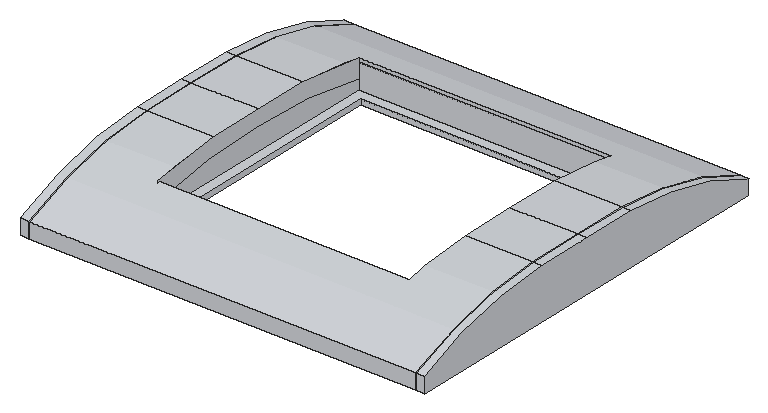
Revit family "Gira_100224", category Electrical Fixtures, host Face, Revit 2017
Family settings
  Host = Face
  Maintain Annotation Orientation = No
  Round Connector Dimension = Use Diameter
  Part Type = Normal
  Cut with Voids When Loaded = No
  Shared = No
  Room Calculation Point = No
Parameters (values of type "Abdeckrahmen 2f o.M. Zwischenr. AN Gira Event Opak Weiß")
  Werkstoffgüte = "Thermoplast"
  Werkstoff = "Kunststoff"
  URL = "http://katalog.gira.de/de_DE/datenblatt.html?artikelnr=100224"
  Transparent = "No"
  Textfeld/Beschriftungsfläche = "No"
  Schutzart (IP) = "IP20"
  Region = "DE"
  Oberfläche = "sonstige"
  Name = "Abdeckrahmen 2f o.M. Zwischenr. AN Gira Event Opak Weiß"
  Montagerichtung = "horizontal und vertikal"
  Mit Montagerahmen = "No"
  Mit Klappdeckel = "No"
  Manufacturer URL = "https://www.gira.de/"
  Keynote = "Event_Rahmen_2fach o.Mittelsteg"
  HeinzeBIM = "https://bimportal.heinze.de/bim/abdeckrahmen-2f-o-m-zwischenr-an-gira-event-opak-weiss/3301cdd09a95d3fdd2279a5f2229eefe3014c5d5"
  Halogenfrei = "Yes"
  HAN = "100224"
  Geeignet für Unterputz-Installation = "Yes"
  Geeignet für Unterflurkanaldose = "No"
  Geeignet für Geräteeinbaukanal = "No"
  Geeignet für Einbauinstallation = "No"
  GTIN = "4010337002246"
  Farbe = "weiß"
  Default Elevation = 1219.2 mm
  Data sheet (1) = "https://katalog.gira.de/de_DE/download.html?artikelnr=100224"
  Category = "Abdeckrahmen"
  Befestigungsart = "Klemmbefestigung"
  Available = "Yes"
  Anzahl der Einheiten vertikal = "2 "
  Anzahl der Einheiten horizontal = "2 "
  Anzahl der Einheiten = "2 "
Reference planes
  plane 1 "Center (Front/Back)": y = 0
  plane 2: z = 0
  plane 3 "Center (Left/Right)": x = 0
Forms (mm)
  Extrusion 1, solid, detail levels fine
    sketch origin (0, 0, 1.55) x (0, 1, 0) y (0, 0, 1)
      loop
        arc (12.445, 9.683) -> (6.223, 9.833) -> (0, 9.85) r 291.636
        arc (0, 9.85) -> (-6.223, 9.833) -> (-12.445, 9.683) r 291.636
        arc (-12.445, 9.683) -> (-29.14, 7.482) -> (-45, 1.823) r 79.728
        line (-45, 1.823) -> (-45, -1.55) -> (-41.777, -1.55) -> (-41.777, -0.55)
        arc (-41.777, -0.55) -> (-21.205, 4.846) -> (0, 6.467) r 118.15
        arc (0, 6.467) -> (21.205, 4.846) -> (41.777, -0.55) r 118.15
        line (41.777, -0.55) -> (41.777, -1.55) -> (45, -1.55) -> (45, 1.823)
        arc (45, 1.823) -> (29.14, 7.482) -> (12.445, 9.683) r 79.728
    from -43 to 43
  Extrusion 2, void, detail levels fine
    sketch origin (0, 0, 0) x (1, 0, 0) y (0, 1, 0)
      loop
        line (-28, -28) -> (28, -28) -> (28, 28) -> (-28, 28) -> (-28, -28)
    from 2.85 to 12
  Extrusion 3, solid, detail levels coarse
    sketch origin (0, 0, 0) x (1, 0, 0) y (0, 1, 0)
      loop
        line (-45, 45) -> (-45, -45) -> (45, -45) -> (45, 45) -> (-45, 45)
    from 0 to 11.4
  Extrusion 4, solid, detail levels medium
    sketch origin (0, 0, 1.55) x (0, 1, 0) y (0, 0, 1)
      loop
        arc (12.445, 9.683) -> (6.223, 9.833) -> (0, 9.85) r 291.636
        arc (0, 9.85) -> (-6.223, 9.833) -> (-12.445, 9.683) r 291.636
        arc (-12.445, 9.683) -> (-29.14, 7.482) -> (-45, 1.823) r 79.728
        line (-45, 1.823) -> (-45, -1.55) -> (45, -1.55) -> (45, 1.823)
        arc (45, 1.823) -> (29.14, 7.482) -> (12.445, 9.683) r 79.728
    from -45 to 45
  Extrusion 5, solid, detail levels fine
    sketch origin (0, 0, 0) x (0, 1, 0) y (0, 0, 1)
      loop
        arc (45, 3.373) -> (29.14, 9.032) -> (12.445, 11.233) r 79.728
        arc (12.445, 11.233) -> (6.223, 11.383) -> (0, 11.4) r 291.636
        arc (0, 11.4) -> (-6.223, 11.383) -> (-12.445, 11.233) r 291.636
        arc (-12.445, 11.233) -> (-29.14, 9.032) -> (-45, 3.373) r 79.728
        line (-45, 3.373) -> (-45, 0) -> (45, 0) -> (45, 3.373)
    from 43 to 45
  Extrusion 6, solid, detail levels fine
    sketch origin (0, 0, 0) x (0, 1, 0) y (0, 0, -1)
      loop
        line (45, -3.373) -> (45, 0) -> (-45, 0) -> (-45, -3.373)
        arc (-45, -3.373) -> (-29.14, -9.032) -> (-12.445, -11.233) r 79.728
        arc (-12.445, -11.233) -> (-6.223, -11.383) -> (0, -11.4) r 291.636
        arc (0, -11.4) -> (6.223, -11.383) -> (12.445, -11.233) r 291.636
        arc (12.445, -11.233) -> (29.14, -9.032) -> (45, -3.373) r 79.728
    from 43 to 45
  Extrusion 7, solid, detail levels fine
    sketch origin (0, 0, 0) x (1, 0, 0) y (0, 1, 0)
      loop
        line (-25.7, 25.7) -> (-25.7, -25.7) -> (25.7, -25.7) -> (25.7, 25.7) -> (-25.7, 25.7)
      loop
        line (-29.495, 27.895) -> (-29.495, -27.895)
        spline (-29.495, -27.895) -> (-29.486, -28.025) -> (-29.461, -28.154) -> (-29.419, -28.278) -> (-29.361, -28.395) -> (-29.288, -28.504) -> (-29.202, -28.602) -> (-29.104, -28.688) -> (-28.995, -28.761) -> (-28.878, -28.819) -> (-28.754, -28.861) -> (-28.625, -28.886) -> (-28.495, -28.895)
        line (-28.495, -28.895) -> (28.495, -28.895)
        spline (28.495, -28.895) -> (28.625, -28.886) -> (28.754, -28.861) -> (28.878, -28.819) -> (28.995, -28.761) -> (29.104, -28.688) -> (29.202, -28.602) -> (29.288, -28.504) -> (29.361, -28.395) -> (29.419, -28.278) -> (29.461, -28.154) -> (29.486, -28.025) -> (29.495, -27.895)
        line (29.495, -27.895) -> (29.495, 27.895)
        spline (29.495, 27.895) -> (29.486, 28.025) -> (29.461, 28.154) -> (29.419, 28.278) -> (29.361, 28.395) -> (29.288, 28.504) -> (29.202, 28.602) -> (29.104, 28.688) -> (28.995, 28.761) -> (28.878, 28.819) -> (28.754, 28.861) -> (28.625, 28.886) -> (28.495, 28.895)
        line (28.495, 28.895) -> (-28.495, 28.895)
        spline (-28.495, 28.895) -> (-28.625, 28.886) -> (-28.754, 28.861) -> (-28.878, 28.819) -> (-28.995, 28.761) -> (-29.104, 28.688) -> (-29.202, 28.602) -> (-29.288, 28.504) -> (-29.361, 28.395) -> (-29.419, 28.278) -> (-29.461, 28.154) -> (-29.486, 28.025) -> (-29.495, 27.895)
    from 1.673 to 8.5
Cuts and joins
  Extrusion 2 cuts Extrusion 1
  Extrusion 2 cuts Extrusion 7
Dimensions and locks
  aligned and locked: plane 2 to host face
  aligned and locked: level to host face
